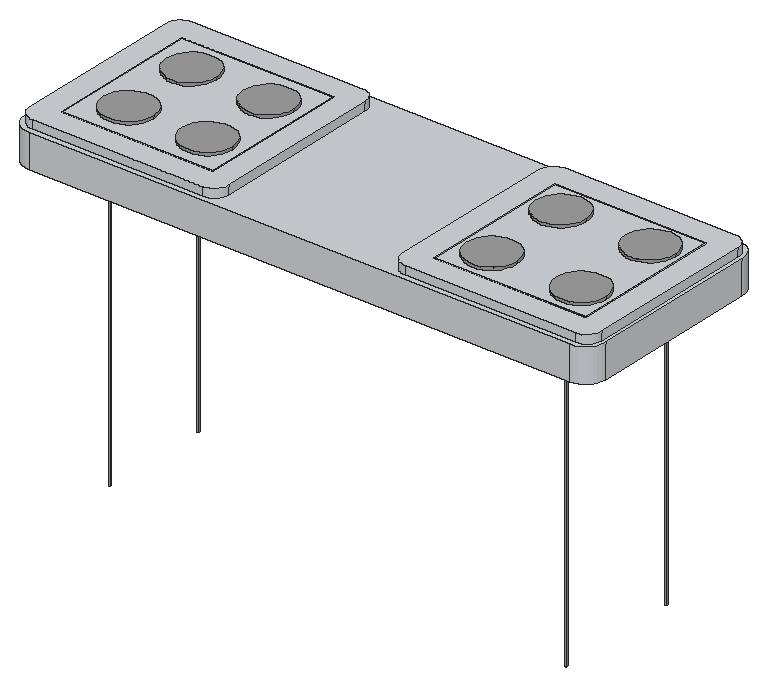
Revit family "Lighting-Industrial-GEWISS-SMART[4]HACCP_HIGHBAYS-LED_2M", category Apparecchi per illuminazione, Revit 2019
Family settings
  Quota connettore circolare = Usa diametro
  Tipo di parte = Normale
  Numero OmniClass = 23.80.70.00
  Titolo OmniClass = Lighting
  Basato su piano di lavoro = Sì
  Sempre verticale = No
  Taglio con vuoti quando caricato = No
  Sorgente d'illuminazione = No
  Condiviso = No
  Punto di calcolo locali = No
Parameters (values of type "GWS4220HQ857 - SMART4HB 2M S.A.ON/OFF HACCP ELL.57K")
  Wiring = "With GW connect watertight connector"
  Weight (kg): = "6,5"
  Warranty = "5 years"
  Voltaggio = 230 V
  Version file RFA = "20.11"
  Unique digital code (Datamatrix) = "Datamatrix"
  Unified Glare Rating = "-"
  URL = "https://www.gewiss.com/ww/en"
  Type of light source = "LED - Not replaceable"
  Tilt- = "With bracket accessory"
  Technical sheet = "https://www.gewiss.com/ww/en/search?q=GWS4220HQ857"
  System power = "125W"
  Supply voltage = "220 - 240 V"
  Stocking temperature = "-40 +70 °C"
  Standards and approvals = "-"
  Standard- = "EN 60598-1 ; EN 60598-2-1 ; EN 60598-2-24"
  Standard Deviation Colour Matching = "SDCM = 3"
  Spostamento_y_etichetta [instance] = 0 mm
  Spostamento_y_effettivo_etichetta [instance] = 1500 mm - Spostamento_y_etichetta  # 1500 mm
  Spostamento_x_etichetta [instance] = 0 mm
  Spostamento_X_effettivo_etichetta [instance] = 1500 mm - Spostamento_x_etichetta  # 1500 mm
  Shock resistance = "IK07"
  Shield type = "PMMA"
  SEO = "High bay"
  Realized by GEWISS S.p.A. = ""
  Rated frequency (Hz) = "50/60 Hz"
  Produttore = "GEWISS S.p.A."
  Photobiological Risk Class = "RG0"
  Overvoltage protection = "DM 6 kV / CM 10 kV"
  Optic and illuminating features = "-"
  Optic Maintenance = "Non-replaceable"
  Optic : = "Metallic PC reflector and PMMA lenses"
  Optic = "Elliptical"
  Operating temperature : = "-30 +50 °C"
  Offset etichetta W [instance] = 150 mm
  Mouting and installation = "Ceiling - Wallmounting - Suspension"
  Modello = "GWS4220HQ857"
  Maximum surface exposed to the wind : = "0,184 m²"
  Materials = "-"
  Luminaire = "LED Industrial Reflector "
  Lumen output (lm) = "16000"
  Locking Hook = "-"
  Lifetime = "L90B10 (Tq+25°C) = 70.000 h - L90B10 (Tq+50°C) = 35.000 h"
  Lampada = "LED"
  LED Maintenance = "Non-replaceable"
  Insulation class = "I"
  Installationa and maintenance = "-"
  Immagine tipo = GWL1311.jpg
  IPEA = "-"
  IP degree = "IP65"
  IFC.TypeObject = ""
  IFC.ExportType = ""
  IFC.ExportAs = ""
  IDT = "2f4286e1b10c42c6bc2a92e840e0f90a"
  IDF = "3f8b5a15-6585-4510-82f0-30e02f66d1d6"
  Glow Wire Test : = "650 °C"
  General information = "-"
  Gasket = "anti-aging silicone"
  Fixing = "-"
  External screw = "Stainless steel"
  Etichetta wattaggio [instance] = yes
  Trasformatore = none
  Struttura plafoniera = none
  Spessore plafoniera = 40 mm  # constant formula
  Default Elevation = 1219.2 mm  # constant formula
  Proiettsmart2_simb [instance] = yes
  Plafoniera bidimensionale [instance] = not(Proiettsmart2_simb)  # no
  Eletrical and lighting features = "-"
  Electrocod = "2444"
  Efficiency (lm/W) = "128"
  Driver Box = "Built-in"
  Driver = "Included"
  Device with reduced surface temperature = "Yes"
  Descrizione = "SMART[4]HB 2M S.A.ON/OFF HACCP ELL.57K"
  DIN 18032-3 certification = "-"
  Control System : = "ON / OFF"
  Control System = "ON / OFF"
  Context = "Lighting of logistical and industrial food productive premises"
  Commenti sul wattaggio = "97W"
  Colour temperature = "5700K"
  Colour : = "Grey RAL 7035"
  Colour = "Grey RAL 7035"
  Color Rendering Index = "CRI-80"
  Classificazione = Lighting
  Classification: = "-"
  Catalogue = "LIGHTING"
  Carico apparente = 97 VA
  Motore = none
  Mascherina = none
  Lunghezza = 699 mm  # constant formula
  Larghezza = 254 mm  # constant formula
  Distanza_tot_plafoniera [instance] = 350 mm
  Dist_sorg_lum = 10 mm  # constant formula
  COBie.Tagnumber = ""
  COBie.CreatedOn = ""
  COBie.CreatebBy = ""
  COBie.ComponentRegisterItemID = ""
  COBie.Component.TagNumber = ""
  COBie.Component.Space = ""
  COBie.Component.SerialNumber = ""
  COBie.Component.InstallationDate = ""
  COBie.Component.Description = ""
  COBie.Component.BarCode = ""
  Body = "PA6 \"Halogen Free\" loaded fibreglass"
  Application = "Internal"
Types (12, lengths in mm): name | Unified Glare Rating | Technical sheet | SEO | Optic : | Optic | Modello | Lumen output (lm) | IDT | Efficiency (lm/W) | Descrizione | Colour temperature
  GWS4220HA840 - SMART4HB 2M S.A.ON/OFF HACCP ARR.40K | "-" | "https://www.gewiss.com/ww/en/search?q=GWS4220HA840" | "" | "Metallized polycarbonate reflector" | "Array" | "GWS4220HA840" | "18000" | "005aa81080e645dcbe8c45a4b8eb1658" | "144" | "SMART[4]HB 2M S.A.ON/OFF HACCP ARR.40K" | "4000K"
  GWS4220HA857 - SMART4HB 2M S.A.ON/OFF HACCP ARR.57K | "-" | "https://www.gewiss.com/ww/en/search?q=GWS4220HA857" | "" | "Metallized polycarbonate reflector" | "Array" | "GWS4220HA857" | "18000" | "68ba2788051746b5bb0d6403cd5fc9cf" | "144" | "SMART[4]HB 2M S.A.ON/OFF HACCP ARR.57K" | "5700K"
  GWS4220HC840 - SMART4HB 2M S.A.ON/OFF HACCP ASI.40K | "-" | "https://www.gewiss.com/ww/en/search?q=GWS4220HC840" | "High bay" | "Metallic PC reflector and PMMA lenses" | "Asymmetrical" | "GWS4220HC840" | "16000" | "ed56e186813e43c79359abac3b89cad1" | "128" | "SMART[4]HB 2M S.A.ON/OFF HACCP ASI.40K" | "4000K"
  GWS4220HC857 - SMART4HB 2M S.A.ON/OFF HACCP ASI.57K | "-" | "https://www.gewiss.com/ww/en/search?q=GWS4220HC857" | "High bay" | "Metallic PC reflector and PMMA lenses" | "Asymmetrical" | "GWS4220HC857" | "16000" | "d685af11e64c464aa49e99c11128d54b" | "128" | "SMART[4]HB 2M S.A.ON/OFF HACCP ASI.57K" | "5700K"
  GWS4220HF840 - SMART4HB 2M S.A.ON/OFF HACCP 30° 40K | "UGR - 19" | "https://www.gewiss.com/ww/en/search?q=GWS4220HF840" | "" | "Metallic PC reflector and PMMA lenses" | "30°" | "GWS4220HF840" | "17600" | "e56de89c465249138dd535945fd09471" | "141" | "SMART[4]HB 2M S.A.ON/OFF HACCP 30° 40K" | "4000K"
  GWS4220HF857 - SMART4HB 2M S.A.ON/OFF HACCP 30° 57K | "UGR - 19" | "https://www.gewiss.com/ww/en/search?q=GWS4220HF857" | "" | "Metallic PC reflector and PMMA lenses" | "30°" | "GWS4220HF857" | "17600" | "b9c3d63d3e064d069cb44c6ebb707409" | "141" | "SMART[4]HB 2M S.A.ON/OFF HACCP 30° 57K" | "5700K"
  GWS4220HH840 - SMART4HB 2M S.A.ON/OFF HACCP 60° 40K | "UGR - 22" | "https://www.gewiss.com/ww/en/search?q=GWS4220HH840" | "" | "Metallic PC reflector and PMMA lenses" | "60°" | "GWS4220HH840" | "17700" | "67409da150494cbea0eb3fd873c307a9" | "142" | "SMART[4]HB 2M S.A.ON/OFF HACCP 60° 40K" | "4000K"
  GWS4220HH857 - SMART4HB 2M S.A.ON/OFF HACCP 60° 57K | "UGR - 22" | "https://www.gewiss.com/ww/en/search?q=GWS4220HH857" | "" | "Metallic PC reflector and PMMA lenses" | "60°" | "GWS4220HH857" | "17700" | "c317314a67c840a689ca92e2aa342edf" | "142" | "SMART[4]HB 2M S.A.ON/OFF HACCP 60° 57K" | "5700K"
  GWS4220HP840 - SMART4HB 2M S.A.ON/OFF HACCP 90° 40K | "UGR - 25" | "https://www.gewiss.com/ww/en/search?q=GWS4220HP840" | "" | "Metallic PC reflector and PMMA lenses" | "90°" | "GWS4220HP840" | "18000" | "a3fd4e9011b6466ea9d6dafb6dc38d92" | "144" | "SMART[4]HB 2M S.A.ON/OFF HACCP 90° 40K" | "4000K"
  GWS4220HP857 - SMART4HB 2M S.A.ON/OFF HACCP 90° 57K | "UGR - 25" | "https://www.gewiss.com/ww/en/search?q=GWS4220HP857" | "" | "Metallic PC reflector and PMMA lenses" | "90°" | "GWS4220HP857" | "18000" | "d8cde787fcf2416493d03e722680bcd1" | "144" | "SMART[4]HB 2M S.A.ON/OFF HACCP 90° 57K" | "5700K"
  GWS4220HQ840 - SMART4HB 2M S.A.ON/OFF HACCP ELL.40K | "-" | "https://www.gewiss.com/ww/en/search?q=GWS4220HQ840" | "High bay" | "Metallic PC reflector and PMMA lenses" | "Elliptical" | "GWS4220HQ840" | "16000" | "f2d2cdb31f6147f6a6f39ef69db7f800" | "128" | "SMART[4]HB 2M S.A.ON/OFF HACCP ELL.40K" | "4000K"
  GWS4220HQ857 - SMART4HB 2M S.A.ON/OFF HACCP ELL.57K | "-" | "https://www.gewiss.com/ww/en/search?q=GWS4220HQ857" | "High bay" | "Metallic PC reflector and PMMA lenses" | "Elliptical" | "GWS4220HQ857" | "16000" | "2f4286e1b10c42c6bc2a92e840e0f90a" | "128" | "SMART[4]HB 2M S.A.ON/OFF HACCP ELL.57K" | "5700K"
Reference planes
  plane 1 "Asse sorgente illuminazione (F/B)": y = 0
  plane 2: z = 0
  plane 3 "Asse sorgente illuminazione (L/R)": x = 0
  plane 4 "Prospetto sorgente di illuminazione": z = 1500
  plane 5: x = -349.5
  plane 6: y = 127
  plane 7: x = 349.5
  plane 8: y = -127
  plane 9: x = 344.5
  plane 10: x = -344.5
  plane 11: x = -104.5
  plane 12: x = 104.5
  plane 13: y = -1500
  plane 14: z = 390
  plane 15: z = 390
  plane 16: z = 400
  plane 17: z = 350
  plane 18: y = 0
  plane 19: x = -1500
  plane 20: x = 0
Dimensions and locks
  equal spacing: plane 6, plane 1 "Asse sorgente illuminazione (F/B)", plane 8
  "Larghezza": plane 6 to plane 8
  equal spacing: plane 5, plane 3 "Asse sorgente illuminazione (L/R)", plane 7
  "Lunghezza": plane 5 to plane 7
  locked: plane 5 to plane 10 at 5
  locked: plane 9 to plane 7 at 5
  locked: plane 16 to plane 14 at 10
  locked: plane 15 to plane 17 at 40
  "Distanza_tot_plafoniera": plane 17 to plane 2
  plane 1 "Asse sorgente illuminazione (F/B)" to plane 13 = 1500 mm
  "Spostamento_y_effettivo_etichetta": plane 18 to plane 13
  plane 19 to plane 3 "Asse sorgente illuminazione (L/R)" = 1500 mm
  "Spostamento_X_effettivo_etichetta": plane 19 to plane 20
  aligned and locked: level to plane 2
  aligned and locked: nested 15 to plane 14
  aligned and locked: plane 14 to nested 16
  aligned and locked: plane 16 to nested 8
  aligned and locked: nested 6 to plane 16
  aligned and locked: plane 16 to nested 7
  aligned and locked: nested 5 to plane 16
  aligned and locked: nested 3 to plane 16
  aligned and locked: plane 16 to nested 1
  aligned and locked: nested 4 to plane 16
  aligned and locked: plane 16 to nested 2
  aligned and locked: nested 11 to plane 2  (x2)
  aligned and locked: nested 10 to plane 2
  aligned and locked: nested 9 to plane 2
  aligned and locked: plane 14 to plane 15
  aligned and locked: plane 17 to nested 14
  aligned and locked: nested 17 to plane 18
  aligned and locked: nested 17 to plane 20
  aligned and locked: plane 2 to nested 18
  aligned and locked: plane 2 to nested 11
Nested families
  nested 1: "Gewis - Led" at (171.717, 52, 403), type "Gewis - Led", detail levels medium+fine
  nested 2: "Gewis - Led" at (279.5, 52, 403), type "Gewis - Led", detail levels medium+fine
  nested 3: "Gewis - Led" at (171.717, -52, 403), type "Gewis - Led", detail levels medium+fine
  nested 4: "Gewis - Led" at (279.5, -52, 403), type "Gewis - Led", detail levels medium+fine
  nested 5: "Gewis - Led" at (-174.5, 45, 403) x (-1, 0, 0) z (0, 0, 1), type "Gewis - Led", detail levels medium+fine
  nested 6: "Gewis - Led" at (-269.5, 47.625, 403) x (-1, 0, 0) z (0, 0, 1), type "Gewis - Led", detail levels medium+fine
  nested 7: "Gewis - Led" at (-174.5, -47.089, 403) x (-1, 0, 0) z (0, 0, 1), type "Gewis - Led", detail levels medium+fine
  nested 8: "Gewis - Led" at (-269.5, -47.089, 403) x (-1, 0, 0) z (0, 0, 1), type "Gewis - Led", detail levels medium+fine
  nested 9: "Sospensione_ SMART LAB 4" at (274.838, 81.5, 0), Altezza sospensione <- "Distanza_tot_plafoniera", type "Sospensione_ SMART LAB 4"
    with Altezza sospensione 350 mm, Default Elevation 350 mm
  nested 10: "Sospensione_ SMART LAB 4" at (274.838, -69, 0), Altezza sospensione <- "Distanza_tot_plafoniera", type "Sospensione_ SMART LAB 4"
    with Altezza sospensione 350 mm, Default Elevation 350 mm
  nested 11: "Sospensione_ SMART LAB 4" at (-276.662, -66.5, 0), Altezza sospensione <- "Distanza_tot_plafoniera", type "Sospensione_ SMART LAB 4"
    with Altezza sospensione 350 mm, Default Elevation 350 mm
  nested 12: "PROIETTSMART - 2" at (0, 0, 0), visible <- "Proiettsmart2_simb", type "PROIETTSMART - 2"
  nested 13: "Rappr_ bidimensionale_SMART (4)  4 + 4 L " at (0, 0, 0), visible <- "Plafoniera bidimensionale", type "SMART (4)  4 + 4 L_bidimensionale "
  nested 14: "Struttura_SMART 4" at (0, 0, 390), type "SMART 4 HB - 4+4L"
  nested 15: "mascherina_SMART (4)" at (-224.5, 0, 400) x (-1, 0, 0) z (0, 0, 1), type "Maschera_smart (4) 4L", detail levels fine
  nested 16: "mascherina_SMART (4)" at (224.5, 0, 400), type "Maschera_smart (4) 4L", detail levels fine
  nested 17: "ETICHETTA LIGHT" at (0, 0, 0), type "ETICHETTA LIGHT"
  nested 18: "Sospensione_ SMART LAB 4" at (-276.662, 66.5, 0), Altezza sospensione <- "Distanza_tot_plafoniera", type "Sospensione_ SMART LAB 4"
    with Altezza sospensione 350 mm, Default Elevation 350 mm
Connectors
  electrical at (0.009, -0.098, 350), driven by "Carico apparente"
    settings: on nested 14, index 1, voltage 230 V, apparent load 0 VA, apparent load phase1 97 VA, apparent load phase2 0 VA, apparent load phase3 0 VA, power factor 1, load classification "Lighting", number of poles 2, system type 31, power factor state 1, is connector primary yes, connector utility no, sub classification motor no, connector description ""
Definition of nested family "Gewis - Led"
  Parameters (values of type "Gewis - Led")
    Vetro = none
    Raggio led = 30 mm
    Default Elevation = 1219.2 mm
    Estensione vetro = 3 mm
  Reference planes
    plane 1 "Centro (Fronte/Retro)": y = 0
    plane 2: z = 0
    plane 3 "Centro (Sinistra/Destra)": x = 0
  Forms (mm)
    Extrusion 1, solid, material <- "Vetro"
      sketch origin (0, 0, 0) x (1, 0, 0) y (0, 1, 0)
        loop
          circle (0, 0) r 30
      from -3 to 0
  Dimensions and locks
    "Estensione vetro": level to Extrusion 1
    "Raggio led": radius of Extrusion 1 sketch curve
    aligned and locked: level to plane 2
    aligned and locked: level to Extrusion 1
  Automatic sketch dimensions
    plane 1 "Centro (Fronte/Retro)" to Extrusion 1 sketch curve = 0 mm
    Extrusion 1 sketch curve to plane 3 "Centro (Sinistra/Destra)" = 0 mm
Definition of nested family "Sospensione_ SMART LAB 4"
  Parameters (values of type "Sospensione_ SMART LAB 4")
    Default Elevation = 400 mm
    Altezza sospensione [instance] = 500 mm
  Reference planes
    plane 1 "Center (Front/Back)": y = 0
    plane 2: z = 0
    plane 3 "Center (Left/Right)": x = 0
    plane 4: z = 500
    plane 5: z = 30.7
  Forms (mm)
    Extrusion 1, solid
      sketch origin (0, 0, 0) x (1, 0, 0) y (0, 1, 0)
        loop
          circle (0, -0.028) r 1.25
      from 0 to 500
  Lines and regions (mm)
    model lines, not visible
      curve 1: line (0, 0, 0) -> (0, 0, 9.482)
  Dimensions and locks
    "Altezza sospensione": plane 4 to level
    plane 2 to plane 4 = 500 mm
    aligned and locked: level to plane 2
    aligned and locked: Extrusion 1 to plane 2
    aligned and locked: plane 4 to Extrusion 1
  Automatic sketch dimensions
    Extrusion 1 sketch curve to plane 3 "Center (Left/Right)" = 0 mm
    plane 1 "Center (Front/Back)" to Extrusion 1 sketch curve = 0.028 mm
    curve 1 to plane 3 "Center (Left/Right)" = 0 mm
    curve 1 to level = 0 mm
    curve 1 to curve 1 = 9.482 mm
    radius of Extrusion 1 sketch curve = 1.25 mm
Definition of nested family "Struttura_SMART 4"
  Parameters (values of type "SMART 4 HB - 4+4L")
    Struttura plafoniera = none
    Spessore_plafoniera = 40 mm
    Lunghezza = 699 mm
    Larghezza = 254 mm
  Types (2, lengths in mm): name | Lunghezza | Larghezza
    SMART Lab (4) 4L | 383 | 253
    SMART 4 HB - 4+4L | 699 | 254
  Reference planes
    plane 1 "Asse sorgente illuminazione (F/B)": y = 0
    plane 2: z = 0
    plane 3 "Asse sorgente illuminazione (L/R)": x = 0
    plane 4 "Prospetto sorgente di illuminazione": z = -40
    plane 5 "SX": x = -349.5
    plane 6 "DX": x = 349.5
    plane 7 "DIETRO": y = 127
    plane 8 "AVANTI": y = -127
    plane 9: x = 106.5
    plane 10: x = 338.5
    plane 11: y = -116
    plane 12: y = 116
    plane 13: x = -338.5
    plane 14: x = -106.5
  Forms (mm)
    Extrusion 1, solid, material <- "Struttura plafoniera"
      sketch origin (0, 0, 0) x (1, 0, 0) y (0, 1, 0)
        loop
          line (349.5, -102.595) -> (349.5, 102.59)
          arc (349.5, 102.59) -> (342.35, 119.85) -> (325.09, 127) r 24.41
          line (325.09, 127) -> (-325.009, 127)
          arc (-325.009, 127) -> (-342.554, 119.6) -> (-349.5, 101.871) r 24.499
          line (-349.5, 101.871) -> (-349.5, -102.592)
          arc (-349.5, -102.592) -> (-342.351, -119.851) -> (-325.092, -127) r 24.408
          line (-325.092, -127) -> (325.117, -127)
          arc (325.117, -127) -> (342.334, -119.868) -> (349.465, -102.652) r 24.348
      from -40 to 0
  Dimensions and locks
    equal spacing: plane 5 "SX", plane 3 "Asse sorgente illuminazione (L/R)", plane 6 "DX"
    equal spacing: plane 7 "DIETRO", plane 1 "Asse sorgente illuminazione (F/B)", plane 8 "AVANTI"
    "Lunghezza": plane 5 "SX" to plane 6 "DX"
    "Larghezza": plane 7 "DIETRO" to plane 8 "AVANTI"
    locked: plane 7 "DIETRO" to plane 12 at 11
    locked: plane 11 to plane 8 "AVANTI" at 11
    locked: plane 10 to plane 6 "DX" at 11
    locked: plane 9 to plane 10 at 232
    plane 13 to plane 14 = 232 mm
    locked: plane 5 "SX" to plane 13 at 11
    "Spessore_plafoniera": plane 2 to plane 4 "Prospetto sorgente di illuminazione"
    aligned and locked: level to plane 2
    aligned and locked: Extrusion 1 to plane 5 "SX"
    aligned and locked: Extrusion 1 to plane 8 "AVANTI"  (x2)
    aligned and locked: plane 7 "DIETRO" to Extrusion 1
    aligned and locked: plane 6 "DX" to Extrusion 1
    aligned and locked: plane 4 "Prospetto sorgente di illuminazione" to Extrusion 1
    aligned and locked: plane 2 to Extrusion 1
  Automatic sketch dimensions
    Extrusion 1 sketch curve to plane 5 "SX" = 0 mm
    Extrusion 1 sketch curve to plane 8 "AVANTI" = 0 mm
    Extrusion 1 sketch curve to plane 7 "DIETRO" = 0 mm
    Extrusion 1 sketch curve to plane 6 "DX" = 0 mm
    plane 13 to Extrusion 1 sketch curve = 13.408 mm
    plane 13 to Extrusion 1 sketch curve = 13.491 mm
    Extrusion 1 sketch curve to plane 10 = 13.41 mm
    Extrusion 1 sketch curve to plane 10 = 13.383 mm
    plane 11 to Extrusion 1 sketch curve = 13.348 mm
    Extrusion 1 sketch curve to plane 12 = 14.129 mm
    Extrusion 1 sketch curve to Extrusion 1 sketch curve = 0.056 mm
Definition of nested family "mascherina_SMART (4)"
  Parameters (values of type "Maschera_smart (4) 4L")
    Spessore_mascherina = 10 mm
    Default Elevation = 1219.2 mm
    N.intarsi = (Lunghezza_mascherina - (Bordo * 2)) / 15 mm  # 12
    N._intarsi verticale = (Larghezza_mascherina - (Bordo * 2)) / 17 mm  # 11
    Mascherina = none
    Lunghezza_mascherina = 240 mm
    Larghezza_mascherina = 240 mm
    Distanza_intarsi v. = 41 mm  # constant formula
    Distanza_intarsi = 37 mm  # constant formula
    Bordo = 29 mm
  Reference planes
    plane 1 "Centro (Fronte/Retro)": y = 0
    plane 2: z = 0
    plane 3 "Centro (Sinistra/Destra)": x = 0
    plane 4: x = -120
    plane 5 "Dietro": y = 120
    plane 6: x = 120
    plane 7: y = -120
    plane 8: x = -91
    plane 9: y = -91
    plane 10: x = 91
    plane 11: y = 91
    plane 12: x = -83
    plane 13: y = 94.742
    plane 14: y = -95
    plane 15: z = -10
    plane 16: x = -95
    plane 17: y = 79
    plane 18: y = -79
    plane 19: x = 95
    plane 20: z = -4.799
  Forms (mm)
    Extrusion 1, solid, material <- "Mascherina"
      sketch origin (0, 0, 0) x (1, 0, 0) y (0, 1, 0)
        loop
          arc (-102.5, 120) -> (-114.874, 114.874) -> (-120, 102.5) r 17.5
          line (-120, 102.5) -> (-120, -102.5)
          arc (-120, -102.5) -> (-114.874, -114.874) -> (-102.5, -120) r 17.5
          line (-102.5, -120) -> (102.5, -120)
          arc (102.5, -120) -> (114.874, -114.874) -> (120, -102.5) r 17.5
          line (120, -102.5) -> (120, 102.5)
          arc (120, 102.5) -> (114.874, 114.874) -> (102.5, 120) r 17.5
          line (102.5, 120) -> (-102.5, 120)
        loop
          line (-91, 91) -> (-91, -91) -> (91, -91) -> (91, 91) -> (-91, 91)
      from -10 to 0
    Extrusion 2, solid, material <- "Mascherina"
      sketch origin (0, 0, 0) x (1, 0, 0) y (0, 1, 0)
        loop
          line (-91, 91) -> (-91, -91) -> (91, -91) -> (91, 91) -> (-91, 91)
      from -4.799 to 0
  Dimensions and locks
    equal spacing: plane 4, plane 3 "Centro (Sinistra/Destra)", plane 6
    "Lunghezza_mascherina": plane 4 to plane 6
    equal spacing: plane 5 "Dietro", plane 1 "Centro (Fronte/Retro)", plane 7
    "Larghezza_mascherina": plane 5 "Dietro" to plane 7
    "Bordo": plane 4 to plane 8
    "Bordo": plane 9 to plane 7
    "Bordo": plane 5 "Dietro" to plane 11
    "Bordo": plane 10 to plane 6
    "Distanza_intarsi": plane 4 to plane 12
    locked: plane 13 to plane 11 at 3.742
    "Spessore_mascherina": plane 2 to plane 15
    "Distanza_intarsi v.": plane 5 "Dietro" to plane 17
    "Distanza_intarsi v.": plane 18 to plane 7
    locked: plane 9 to plane 14 at 4
    locked: plane 16 to plane 8 at 4
    locked: plane 10 to plane 19 at 4
    locked: plane 2 to plane 20 at 4.799
    radius of Extrusion 1 sketch curve = 17.5 mm  (x4)
    aligned and locked: level to plane 2
    aligned and locked: plane 4 to Extrusion 1 sketch curve
    aligned and locked: plane 6 to Extrusion 1 sketch curve
    aligned and locked: Extrusion 1 sketch curve to plane 5 "Dietro"
    aligned and locked: Extrusion 1 sketch curve to plane 7
    aligned and locked: Extrusion 1 sketch curve to plane 11
    aligned and locked: plane 8 to Extrusion 1 sketch curve
    aligned and locked: plane 9 to Extrusion 1 sketch curve
    aligned and locked: Extrusion 1 sketch curve to plane 10
    aligned and locked: plane 2 to Extrusion 1
    aligned and locked: Extrusion 1 to plane 15
    aligned and locked: Extrusion 2 sketch curve to plane 10
    aligned and locked: plane 9 to Extrusion 2 sketch curve
    aligned and locked: plane 8 to Extrusion 2 sketch curve
    aligned and locked: Extrusion 2 sketch curve to plane 11
    aligned and locked: plane 2 to Extrusion 2
    aligned and locked: Extrusion 2 to plane 20
Definition of nested family "PROIETTSMART - 2"
  Reference planes
    plane 1 "Centro (Fronte/Retro)": y = 0
    plane 2: z = 0
    plane 3 "Centro (Sinistra/Destra)": x = 0
  Lines and regions (mm)
    model lines, in view "Livello rif."
      curve 1: line (87.132, -21.515, 0) -> (43.932, -0.008, 0)
      curve 2: line (43.932, -0.008, 0) -> (87.132, 21.758, 0)
      curve 3: line (87.132, 21.758, 0) -> (87.132, -21.515, 0)
      curve 4: line (43.932, 21.629, 0) -> (43.932, -21.645, 0)
      curve 5: line (43.932, -0.008, 0) -> (18.672, -0.008, 0)
      curve 6: line (87.132, 0.122, 0) -> (105.785, 0.122, 0)
      curve 7: line (128.701, 66.747, 0) -> (128.701, -66.747, 0)
      curve 8: line (128.701, -66.747, 0) -> (-131.299, -66.747, 0)
      curve 9: line (-131.299, -66.747, 0) -> (-131.299, 66.747, 0)
      curve 10: line (-131.299, 66.747, 0) -> (128.701, 66.747, 0)
      curve 11: line (12.311, 49.667, 0) -> (111.66, 49.667, 0)
      curve 12: line (111.66, 49.667, 0) -> (111.66, -49.683, 0)
      curve 13: line (111.66, -49.683, 0) -> (12.311, -49.683, 0)
      curve 14: line (12.311, -49.683, 0) -> (12.311, 49.667, 0)
      curve 15: line (-39.438, -21.515, 0) -> (-82.637, -0.008, 0)
      curve 16: line (-82.637, -0.008, 0) -> (-39.438, 21.758, 0)
      curve 17: line (-39.438, 21.758, 0) -> (-39.438, -21.515, 0)
      curve 18: line (-82.637, 21.629, 0) -> (-82.637, -21.645, 0)
      curve 19: line (-82.637, -0.008, 0) -> (-107.898, -0.008, 0)
      curve 20: line (-39.438, 0.122, 0) -> (-20.785, 0.122, 0)
      curve 21: line (-114.259, 49.667, 0) -> (-14.909, 49.667, 0)
      curve 22: line (-14.909, 49.667, 0) -> (-14.909, -49.683, 0)
      curve 23: line (-14.909, -49.683, 0) -> (-114.259, -49.683, 0)
      curve 24: line (-114.259, -49.683, 0) -> (-114.259, 49.667, 0)
Definition of nested family "Rappr_ bidimensionale_SMART (4)  4 + 4 L "
  Reference planes
    plane 1 "Centro (Fronte/Retro)": y = 0
    plane 2: z = 0
    plane 3 "Centro (Sinistra/Destra)": x = 0
  Lines and regions (mm)
    model lines, in view "Livello rif."
      curve 1: circle (175.602, 47.039, 0) r 28.619 normal (0, 0, 1)
      curve 2: circle (269.602, -46.961, 0) r 28.619 normal (0, 0, 1)
      curve 3: circle (175.602, -46.961, 0) r 28.619 normal (0, 0, 1)
      curve 4: circle (269.602, 47.039, 0) r 28.619 normal (0, 0, 1)
      curve 5: arc (103.203, -104.051, 0) -> (107.722, -114.924, 0) -> (118.601, -119.425, 0) r 15.398
      curve 6: arc (-118.547, -119.425, 0) -> (-107.659, -114.915, 0) -> (-103.149, -104.027, 0) r 15.398
      curve 7: arc (-103.149, 103.973, 0) -> (-107.668, 114.87, 0) -> (-118.571, 119.371, 0) r 15.398
      curve 8: arc (-326.571, 119.371, 0) -> (-337.453, 114.844, 0) -> (-341.945, 103.948, 0) r 15.398
      curve 9: arc (-341.945, -104.002, 0) -> (-337.444, -114.906, 0) -> (-326.547, -119.425, 0) r 15.398
      curve 10: arc (326.601, -119.425, 0) -> (337.498, -114.906, 0) -> (342, -104.002, 0) r 15.398
      curve 11: arc (342, 103.998, 0) -> (337.472, 114.878, 0) -> (326.577, 119.371, 0) r 15.398
      curve 12: arc (118.577, 119.371, 0) -> (107.713, 114.861, 0) -> (103.203, 103.997, 0) r 15.398
      curve 13: arc (-349.401, -104, 0) -> (-342.727, -120.168, 0) -> (-326.575, -126.881, 0) r 22.854
      curve 14: arc (-326.574, 126.827, 0) -> (-342.707, 120.133, 0) -> (-349.401, 104, 0) r 22.854
      curve 15: arc (349.455, 104, 0) -> (342.742, 120.152, 0) -> (326.574, 126.827, 0) r 22.854
      curve 16: arc (326.573, -126.881, 0) -> (342.761, -120.187, 0) -> (349.455, -104, 0) r 22.854
      curve 17: circle (-175.548, -47.093, 0) r 28.619 normal (0, 0, 1)
      curve 18: circle (-269.548, 46.907, 0) r 28.619 normal (0, 0, 1)
      curve 19: circle (-175.548, 46.907, 0) r 28.619 normal (0, 0, 1)
      curve 20: circle (-269.548, -47.093, 0) r 28.619 normal (0, 0, 1)
      curve 21: line (130.101, -92.527, 0) -> (130.101, 92.473, 0)
      curve 22: line (130.101, 92.473, 0) -> (315.101, 92.473, 0)
      curve 23: line (315.101, 92.473, 0) -> (315.101, -92.527, 0)
      curve 24: line (315.101, -92.527, 0) -> (130.101, -92.527, 0)
      curve 25: line (103.203, -104.051, 0) -> (103.203, 103.997, 0)
      curve 26: line (118.601, -119.425, 0) -> (326.601, -119.425, 0)
      curve 27: line (-326.547, -119.425, 0) -> (-118.547, -119.425, 0)
      curve 28: line (-103.149, -104.027, 0) -> (-103.149, 103.973, 0)
      curve 29: line (-326.571, 119.371, 0) -> (-118.571, 119.371, 0)
      curve 30: line (-341.945, -104.002, 0) -> (-341.945, 103.948, 0)
      curve 31: line (342, -104.002, 0) -> (342, 103.998, 0)
      curve 32: line (118.577, 119.371, 0) -> (326.577, 119.371, 0)
      curve 33: line (-349.401, -104, 0) -> (-349.401, 104, 0)
      curve 34: line (326.574, 126.827, 0) -> (-326.574, 126.827, 0)
      curve 35: line (349.455, -104, 0) -> (349.455, 104, 0)
      curve 36: line (326.573, -126.881, 0) -> (-326.575, -126.881, 0)
      curve 37: line (-130.047, -92.527, 0) -> (-315.047, -92.527, 0)
      curve 38: line (-315.047, -92.527, 0) -> (-315.047, 92.473, 0)
      curve 39: line (-315.047, 92.473, 0) -> (-130.047, 92.473, 0)
      curve 40: line (-130.047, 92.473, 0) -> (-130.047, -92.527, 0)
Definition of nested family "ETICHETTA LIGHT"
  Parameters (values of type "ETICHETTA LIGHT")
    COMMENTI = "236W"
  Reference planes
    plane 1: y = 0
    plane 2: x = 0
  Text (mm)
    label "COMMENTI" at (-0.057, 0.105, 0), shows "COMMENTI"
